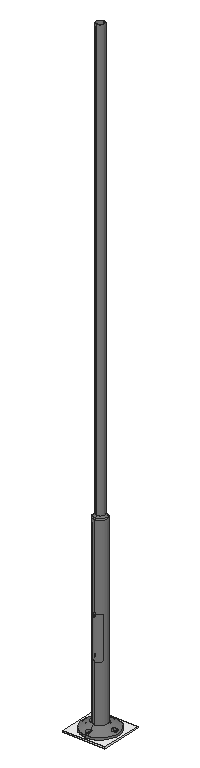
Revit family "BE_70904_de_DE", category Leuchten, Revit 2020
Family settings
  Basisbauteil = Fläche
  Bemaßung runder Anschluss = Durchmesser verwenden
  Teiletyp = Normal
  Beim Laden mit Abzugskörper schneiden = Ja
  Lichtquelle = Nein
  Gemeinsam genutzt = Nein
  Raumberechnungspunkt = Ja
Parameters (values of type "BEGA_70904_Grafit")
  Windangriffsfläche = "0.57 m²"
  Werkzeuglos = ""
  Default Elevation = 0 mm
  Umgebungstemperatur = ""
  URL = "https://www.bega.com/de/produkt/70904"
  Typenkommentare = "© 2022 BEGA. Wir behalten uns das Recht vor, technische Änderungen ohne vorherige Ankündigung vorzunehmen."  # constant formula
  Typenbild = 70904.png
  Strom = ""
  Spannung = 0 V
  Sonderanfertigung = no
  Seriennummer [instance] = "Hier können Sie die eindeutige Seriennummer für das Facility Management eintragen."
  Schutzklasse = ""
  Schutzart = ""
  Scheinlast = 0 VA
  Produktdatenblatt = "https://cdn.bega.com/bega/products/70904/current/documents/data-sheets/de"
  Oberflächentemperatur = ""
  Modell = "70904"
  Material_06 = BEGA_Oberfläche_Edelstahl_gebürstet
  Material_01 [instance] = BEGA_Oberfläche_Grafit_matt
  Mastzopfhöhe_h = ""
  Mastzopfdurchmesser_d = ""
  Mastzopf_Ø [instance] = "76 mm"  # constant formula
  Masthöhe_H = ""
  Mastdurchmesser_unten_Ø = ""
  Mast Gruppe = ""
  Logo = 0
  Lichtpunkthöhe [instance] = ""
  Leuchtenlichtstrom = ""
  Leuchtenanzahl = ""
  Lebensdauerkriterien = ""
  Lastklassifizierung = Beleuchtung
  Lampenlichtstrom = ""
  LED_Modulbezeichnung = ""
  Hersteller = "BEGA"  # constant formula
  Halbstreuwinkel = ""
  Gewicht = "28.0 kg"
  Frequenz = ""
  Farbwiedergabeindex = ""
  Farbtemperatur = ""
  Erdstücklänge_E = ""
  Erdstück [instance] = no
  Energieeffizienzklasse = ""
  Einstecktiefe = ""
  Einbauöffnung = ""
  Einbautiefe = ""
  ENEC = ""
  Durchmesser_Fussplatte_D = ""
  Dimmbar [instance] = ""
  CE_Konformität = "ja"
  Bestellnummer_Erdstück [instance] = if(Erdstück, "70899", "---")  # "---"
  Bestellnummer = "70904"
  Beschreibung_Sonderanfertigung = "Hier können Sie Informationen zur Sonderanfertigung eintragen."
  Beschreibung = "Lichtmast"
  Befestigungsbohrung = ""
  Befestigungsabstand = ""
  Anschlussleitung = ""
  Anschlussleistung [instance] = ""
  Anschlusskasten = ""
  Aktualisierung = "2022-06-03T04:00:08"
  Abstand_zur_angestrahlten_Fläche [instance] = ""
  AC/DC = ""
Reference planes
  plane 1 "Mitte (Vorne/Hinten)": y = 0
  plane 2: z = 0
  plane 3 "Mitte (Links/Rechts)": x = 0
  plane 4 "Links": x = -170
  plane 5 "Rechts": x = 170
  plane 6 "Unten": y = -170
  plane 7 "Oben": y = 170
  plane 8 "Vorne": z = 6000
  plane 9 "Hinten": z = 0
Forms (mm)
  Extrusion 1, solid, material "BEGA_Platte_Weiss"
    sketch origin (0, -1119.2, 0) x (1, 0, 0) y (0, 1, 0)
      loop
        line (-200, 1319.2) -> (-200, 919.2) -> (200, 919.2) -> (200, 1319.2) -> (-200, 1319.2)
    from 0 to -10
  Extrusion 2, solid, material "BEGA_Dummy_matt", not visible
    sketch origin (77.149, -76.023, 0) x (1, 0, 0) y (0, 1, 0)
      loop
        circle (-77.149, 76.023) r 66.5
    from 0 to 6000
Dimensions and locks
  plane 1 "Mitte (Vorne/Hinten)" to Extrusion 1 = 200 mm
  aligned and locked: Extrusion 1 to plane 2
  aligned and locked: level to Extrusion 1
Nested families
  nested 1: "BE_70904_Mast" at (0, 0, 0), type "BE_70904_Mast"
Connectors
  electrical at (0, 0, 0), driven by "Lastklassifizierung", driven by "Spannung", driven by "Scheinlast"
    settings: index 1, voltage 0 V, apparent load 0 VA, apparent load phase1 0 VA, apparent load phase2 0 VA, apparent load phase3 0 VA, power factor 1, load classification "Beleuchtung", number of poles 1, system type 31, power factor state 1, is connector primary yes, connector utility no, sub classification motor no, connector description ""
Definition of nested family "BE_70904_Mast"
  Parameters (values of type "BE_70904_Mast")
    Default Elevation = 1 mm
    URL = "http://www.bega.de/de/produkt"
    Type Comments = "© 2015 BEGA. Wir behalten uns das Recht vor, technische Änderungen ohne vorherige Ankündigung vorzunehmen. "  # constant formula
    Type Image = (empty or 0)
    Material_06 = none
    Material_01 = none
    Länge_Platte = 400 mm  # constant formula
    Höhe_Platte = -10 mm  # constant formula
    Manufacturer = "BEGA"  # constant formula
    Breite_Platte = 400 mm  # constant formula
  Reference planes
    plane 1 "Mitte (Oben/Unten)": y = 0
    plane 2: z = 0
    plane 3 "Mitte (Links/Rechts)": x = 0
    plane 4 "Links": x = -170
    plane 5 "Rechts": x = 170
    plane 6 "Oben": y = 170
    plane 7 "Unten": y = -170
    plane 8 "Vorne": z = 6000
    plane 9 "Hinten": z = 0
  Forms (mm)
    Extrusion 1, solid, detail levels medium
      sketch origin (0, 0, 0) x (1, 0, 0) y (0, 1, 0)
        loop
          line (-200, 200) -> (-200, -200) -> (200, -200) -> (200, 200) -> (-200, 200)
      from 0 to -10 <- "Höhe_Platte"
    Revolve 2, solid, material <- "Material_01"
      sketch origin (0, 0, 0) x (0, 1, 0) y (0, 0, 1)
        loop
          line (66.5, 65) -> (66.5, 1800) -> (52.512, 1808.404)
          arc (52.512, 1808.404) -> (41.877, 1819.346) -> (38, 1834.105) r 30
          line (38, 1834.105) -> (38, 6000) -> (33, 6000) -> (33, 1834.19)
          arc (33, 1834.19) -> (37.534, 1816.869) -> (50.041, 1804.056) r 35
          line (50.041, 1804.056) -> (61.5, 1797.171) -> (61.5, 0) -> (75, 0) -> (76.845, 52.837) -> (107.115, 37.413) -> (108.422, 0) -> (170, 0) -> (169.41, 16.896) -> (75, 65) -> (66.5, 65)
        axis (0, 6000) -> (0, 0)
      angle from 0 to 360
    Revolve 3, void
      sketch origin (-0.03, 0, 0) x (0, 1, 0) y (0, 0, 1)
        loop
          arc (118.354, 24.936) -> (118.962, 23.563) -> (120.353, 23) r 2
          line (120.353, 23) -> (129.488, 23) -> (131.352, 21.001) -> (130.863, 6.998) -> (128.719, 5) -> (120.572, 5)
          arc (120.572, 5) -> (119.156, 4.456) -> (118.529, 3.075) r 2
          line (118.529, 3.075) -> (118.489, 1.924)
          arc (118.489, 1.924) -> (117.893, 0.574) -> (116.534, 0) r 2
          line (116.534, 0) -> (141.422, 0) -> (141.422, 61.42) -> (117.079, 61.42) -> (118.354, 24.936)
        axis (141.422, 0) -> (141.422, 61.42)
      angle from 0 to 360
    Revolve 4, void
      sketch origin (0.03, 0.061, 0) x (1, 0, 0) y (0, 0, 1)
        loop
          arc (118.354, 24.936) -> (118.962, 23.563) -> (120.353, 23) r 2
          line (120.353, 23) -> (129.488, 23) -> (131.352, 21.001) -> (130.863, 6.998) -> (128.719, 5) -> (120.572, 5)
          arc (120.572, 5) -> (119.156, 4.456) -> (118.529, 3.075) r 2
          line (118.529, 3.075) -> (118.489, 1.924)
          arc (118.489, 1.924) -> (117.893, 0.574) -> (116.534, 0) r 2
          line (116.534, 0) -> (141.422, 0) -> (141.422, 61.42) -> (117.079, 61.42) -> (118.354, 24.936)
        axis (141.422, 0) -> (141.422, 61.42)
      angle from 0 to 360
    Revolve 5, void
      sketch origin (0.091, 0, 0) x (0, -1, 0) y (0, 0, 1)
        loop
          arc (118.354, 24.936) -> (118.962, 23.563) -> (120.353, 23) r 2
          line (120.353, 23) -> (129.488, 23) -> (131.352, 21.001) -> (130.863, 6.998) -> (128.719, 5) -> (120.572, 5)
          arc (120.572, 5) -> (119.156, 4.456) -> (118.529, 3.075) r 2
          line (118.529, 3.075) -> (118.489, 1.924)
          arc (118.489, 1.924) -> (117.893, 0.574) -> (116.534, 0) r 2
          line (116.534, 0) -> (141.422, 0) -> (141.422, 61.42) -> (117.079, 61.42) -> (118.354, 24.936)
        axis (141.422, 0) -> (141.422, 61.42)
      angle from 0 to 360
    Revolve 6, void
      sketch origin (0.03, -0.061, 0) x (-1, 0, 0) y (0, 0, 1)
        loop
          arc (118.354, 24.936) -> (118.962, 23.563) -> (120.353, 23) r 2
          line (120.353, 23) -> (129.488, 23) -> (131.352, 21.001) -> (130.863, 6.998) -> (128.719, 5) -> (120.572, 5)
          arc (120.572, 5) -> (119.156, 4.456) -> (118.529, 3.075) r 2
          line (118.529, 3.075) -> (118.489, 1.924)
          arc (118.489, 1.924) -> (117.893, 0.574) -> (116.534, 0) r 2
          line (116.534, 0) -> (141.422, 0) -> (141.422, 61.42) -> (117.079, 61.42) -> (118.354, 24.936)
        axis (141.422, 0) -> (141.422, 61.42)
      angle from 0 to 360
    Revolve 7, void
      sketch origin (0, 0, 0) x (0, 1, 0) y (0, 0, 1)
        loop
          line (-66.5, 1009.75) -> (-66.5, 599.75) -> (-63.9, 599.75) -> (-63.9, 605.017) -> (-59.934, 605.018) -> (-59.934, 1005.25) -> (-63.7, 1005.25) -> (-63.7, 1009.75) -> (-66.5, 1009.75)
        axis (0, 1009.75) -> (0, 599.75)
      angle from 59 to -59
    Revolve 8, solid, material <- "Material_01"
      sketch origin (0, 0, 0) x (0, 1, 0) y (0, 0, 1)
        loop
          line (-63.9, 599.75) -> (-60.844, 599.75) -> (-60.844, 1009.75) -> (-63.9, 1009.75) -> (-63.9, 599.75)
        axis (0, 1009.75) -> (0, 599.75)
      angle from -56 to -59
    Revolve 9, solid, material <- "Material_01"
      sketch origin (0, 0, 0) x (0, 1, 0) y (0, 0, -1)
        loop
          line (-63.9, -599.75) -> (-63.9, -1009.75) -> (-60.844, -1009.75) -> (-60.844, -599.75) -> (-63.9, -599.75)
        axis (0, -1009.75) -> (0, -599.75)
      angle from -56 to -59
    Revolve 10, solid, material <- "Material_01"
      sketch origin (0, 0, 0) x (0, 1, 0) y (0, 0, 1)
        loop
          line (-63.9, 1009.091) -> (-66.5, 1009.091) -> (-66.5, 600.483) -> (-63.9, 600.483) -> (-63.9, 965.091) -> (-48.8, 965.091) -> (-48.8, 1003.556) -> (-63.9, 1003.556) -> (-63.9, 1009.091)
        axis (0, 1009.091) -> (0, 600.483)
      angle from 58 to -58
    Extrusion 11, void
      sketch origin (0, 0, 0) x (1, 0, 0) y (0, 0, 1)
        loop
          circle (0, 640.409) r 1.75
        loop
          circle (0, 650.409) r 1.75
        loop
          circle (0, 660.409) r 1.75
        loop
          circle (0, 670.409) r 1.75
      from 48.115 to 71.223
    Extrusion 12, void
      sketch origin (0, 0, 0) x (1, 0, 0) y (0, 0, 1)
        loop
          circle (0, 987.591) r 8.757
      from 52 to 73.638
    Extrusion 13, solid, material <- "Material_06"
      sketch origin (0, 0, 0) x (1, 0, 0) y (0, 0, 1)
        loop
          circle (0, 987.591) r 7
      from 52 to 55
    Extrusion 14, solid, material <- "Material_06"
      sketch origin (0, 0, 0) x (1, 0, 0) y (0, 0, 1)
        loop
          arc (0.707, 992.54) -> (0, 992.591) -> (-0.707, 992.54) r 5
          line (-0.707, 992.54) -> (-2.828, 990.419) -> (-4.95, 988.298)
          arc (-4.95, 988.298) -> (-5, 987.591) -> (-4.95, 986.884) r 5
          line (-4.95, 986.884) -> (-3.658, 985.592) -> (-0.708, 982.641)
          arc (-0.708, 982.641) -> (0, 982.591) -> (0.708, 982.641) r 5
          line (0.708, 982.641) -> (2.828, 984.762) -> (4.95, 986.884)
          arc (4.95, 986.884) -> (5, 987.591) -> (4.95, 988.298) r 5
          line (4.95, 988.298) -> (2.828, 990.419) -> (0.707, 992.54)
      from 55 to 65
  Cuts and joins
    Revolve 3, Revolve 4, Revolve 5, Revolve 6, Revolve 7 cuts Revolve 2
    Extrusion 11, Extrusion 12 cuts Revolve 10
  Dimensions and locks
    equal spacing: Extrusion 1 sketch curve, plane 3 "Mitte (Links/Rechts)", Extrusion 1 sketch curve
    equal spacing: Extrusion 1 sketch curve, plane 1 "Mitte (Oben/Unten)", Extrusion 1 sketch curve
    "Länge_Platte": Extrusion 1 sketch curve to Extrusion 1 sketch curve
    "Breite_Platte": Extrusion 1 sketch curve to Extrusion 1 sketch curve
    aligned and locked: Extrusion 1 to plane 2
    aligned and locked: level to Extrusion 1
  Automatic sketch dimensions
    Revolve 3 sketch curve to Revolve 3 sketch curve = 1.275 mm
    Revolve 3 sketch curve to Revolve 3 sketch curve = 0.135 mm
    Revolve 3 sketch curve to Revolve 3 sketch curve = 0.04 mm
    Revolve 3 sketch curve to Revolve 3 sketch curve = 2.043 mm
    Revolve 3 sketch curve to Revolve 3 sketch curve = 8.148 mm
    Revolve 3 sketch curve to Revolve 3 sketch curve = 9.135 mm
    Revolve 3 sketch curve to Revolve 3 sketch curve = 2.143 mm
    Revolve 3 sketch curve to Revolve 3 sketch curve = 24.342 mm
    Revolve 3 sketch curve to Revolve 3 sketch curve = 1.999 mm  (x4)
    Revolve 3 sketch curve to Revolve 3 sketch curve = 36.484 mm
    Revolve 3 sketch curve to Revolve 3 sketch curve = 0 mm  (x3)
    Revolve 3 sketch curve to Revolve 3 sketch curve = 1.937 mm
    Revolve 3 sketch curve to Revolve 3 sketch curve = 1.864 mm
    Revolve 3 sketch curve to Revolve 3 sketch curve = 0.044 mm  (x2)
    Revolve 3 sketch curve to Revolve 3 sketch curve = 1.924 mm
    Revolve 3 sketch curve to Revolve 3 sketch curve = 1.076 mm
    Revolve 3 sketch curve to Revolve 3 sketch curve = 1.151 mm
    Revolve 3 sketch curve to Revolve 3 sketch curve = 14.002 mm
    Revolve 3 sketch curve to Revolve 3 sketch curve = 2 mm
    Revolve 3 sketch curve to Revolve 3 sketch curve = 17.362 mm
    Revolve 4 sketch curve to Revolve 4 sketch curve = 1.275 mm
    Revolve 4 sketch curve to Revolve 4 sketch curve = 0.135 mm
    Revolve 4 sketch curve to Revolve 4 sketch curve = 0.04 mm
    Revolve 4 sketch curve to Revolve 4 sketch curve = 2.043 mm
    Revolve 4 sketch curve to Revolve 4 sketch curve = 8.148 mm
    Revolve 4 sketch curve to Revolve 4 sketch curve = 9.135 mm
    Revolve 4 sketch curve to Revolve 4 sketch curve = 2.143 mm
    Revolve 4 sketch curve to Revolve 4 sketch curve = 24.342 mm
    Revolve 4 sketch curve to Revolve 4 sketch curve = 1.999 mm  (x4)
    Revolve 4 sketch curve to Revolve 4 sketch curve = 36.484 mm
    Revolve 4 sketch curve to Revolve 4 sketch curve = 0 mm  (x3)
    Revolve 4 sketch curve to Revolve 4 sketch curve = 1.937 mm
    Revolve 4 sketch curve to Revolve 4 sketch curve = 1.864 mm
    Revolve 4 sketch curve to Revolve 4 sketch curve = 0.044 mm  (x2)
    Revolve 4 sketch curve to Revolve 4 sketch curve = 1.924 mm
    Revolve 4 sketch curve to Revolve 4 sketch curve = 1.076 mm
    Revolve 4 sketch curve to Revolve 4 sketch curve = 1.151 mm
    Revolve 4 sketch curve to Revolve 4 sketch curve = 14.002 mm
    Revolve 4 sketch curve to Revolve 4 sketch curve = 2 mm
    Revolve 4 sketch curve to Revolve 4 sketch curve = 17.362 mm
    Revolve 5 sketch curve to Revolve 5 sketch curve = 1.275 mm
    Revolve 5 sketch curve to Revolve 5 sketch curve = 0.135 mm
    Revolve 5 sketch curve to Revolve 5 sketch curve = 0.04 mm
    Revolve 5 sketch curve to Revolve 5 sketch curve = 2.043 mm
    Revolve 5 sketch curve to Revolve 5 sketch curve = 8.148 mm
    Revolve 5 sketch curve to Revolve 5 sketch curve = 9.135 mm
    Revolve 5 sketch curve to Revolve 5 sketch curve = 2.143 mm
    Revolve 5 sketch curve to Revolve 5 sketch curve = 24.342 mm
    Revolve 5 sketch curve to Revolve 5 sketch curve = 1.999 mm  (x4)
    Revolve 5 sketch curve to Revolve 5 sketch curve = 36.484 mm
    Revolve 5 sketch curve to Revolve 5 sketch curve = 0 mm  (x3)
    Revolve 5 sketch curve to Revolve 5 sketch curve = 1.937 mm
    Revolve 5 sketch curve to Revolve 5 sketch curve = 1.864 mm
    Revolve 5 sketch curve to Revolve 5 sketch curve = 0.044 mm  (x2)
    Revolve 5 sketch curve to Revolve 5 sketch curve = 1.924 mm
    Revolve 5 sketch curve to Revolve 5 sketch curve = 1.076 mm
    Revolve 5 sketch curve to Revolve 5 sketch curve = 1.151 mm
    Revolve 5 sketch curve to Revolve 5 sketch curve = 14.002 mm
    Revolve 5 sketch curve to Revolve 5 sketch curve = 2 mm
    Revolve 5 sketch curve to Revolve 5 sketch curve = 17.362 mm
    Revolve 6 sketch curve to Revolve 6 sketch curve = 1.275 mm
    Revolve 6 sketch curve to Revolve 6 sketch curve = 0.135 mm
    Revolve 6 sketch curve to Revolve 6 sketch curve = 0.04 mm
    Revolve 6 sketch curve to Revolve 6 sketch curve = 2.043 mm
    Revolve 6 sketch curve to Revolve 6 sketch curve = 8.148 mm
    Revolve 6 sketch curve to Revolve 6 sketch curve = 9.135 mm
    Revolve 6 sketch curve to Revolve 6 sketch curve = 2.143 mm
    Revolve 6 sketch curve to Revolve 6 sketch curve = 24.342 mm
    Revolve 6 sketch curve to Revolve 6 sketch curve = 1.999 mm  (x4)
    Revolve 6 sketch curve to Revolve 6 sketch curve = 36.484 mm
    Revolve 6 sketch curve to Revolve 6 sketch curve = 0 mm  (x3)
    Revolve 6 sketch curve to Revolve 6 sketch curve = 1.937 mm
    Revolve 6 sketch curve to Revolve 6 sketch curve = 1.864 mm
    Revolve 6 sketch curve to Revolve 6 sketch curve = 0.044 mm  (x2)
    Revolve 6 sketch curve to Revolve 6 sketch curve = 1.924 mm
    Revolve 6 sketch curve to Revolve 6 sketch curve = 1.076 mm
    Revolve 6 sketch curve to Revolve 6 sketch curve = 1.151 mm
    Revolve 6 sketch curve to Revolve 6 sketch curve = 14.002 mm
    Revolve 6 sketch curve to Revolve 6 sketch curve = 2 mm
    Revolve 6 sketch curve to Revolve 6 sketch curve = 17.362 mm
    Revolve 2 sketch curve to Revolve 2 sketch curve = 0 mm  (x3)
    Revolve 2 sketch curve to plane 1 "Mitte (Oben/Unten)" = 0 mm
    Revolve 2 sketch curve to level = 0 mm  (x2)
    Revolve 2 sketch curve to plane 1 "Mitte (Oben/Unten)" = 33 mm
    Revolve 2 sketch curve to Revolve 2 sketch curve = 5 mm  (x2)
    Revolve 2 sketch curve to Revolve 2 sketch curve = 12.042 mm
    Revolve 2 sketch curve to Revolve 2 sketch curve = 2.471 mm
    Revolve 2 sketch curve to plane 1 "Mitte (Oben/Unten)" = 61.5 mm
    Revolve 2 sketch curve to Revolve 2 sketch curve = 30 mm
    Revolve 2 sketch curve to Revolve 2 sketch curve = 13.5 mm
    Revolve 2 sketch curve to Revolve 2 sketch curve = 8.5 mm
    Revolve 2 sketch curve to Revolve 2 sketch curve = 1.845 mm
    level to Revolve 2 sketch curve = 37.413 mm
    Revolve 2 sketch curve to Revolve 2 sketch curve = 30.27 mm
    Revolve 2 sketch curve to Revolve 2 sketch curve = 33.422 mm
    Revolve 2 sketch curve to Revolve 2 sketch curve = 0.59 mm
    level to Revolve 2 sketch curve = 16.896 mm
    Revolve 2 sketch curve to Revolve 2 sketch curve = 15.424 mm
    Revolve 2 sketch curve to Revolve 2 sketch curve = 12.163 mm
    Revolve 2 sketch curve to Revolve 2 sketch curve = 2.829 mm
    Revolve 2 sketch curve to Revolve 2 sketch curve = 6.885 mm
    Revolve 2 sketch curve to Revolve 2 sketch curve = 4.348 mm
    Revolve 2 sketch curve to Revolve 2 sketch curve = 25.693 mm
    Revolve 2 sketch curve to Revolve 2 sketch curve = 4165.81 mm
    Revolve 2 sketch curve to level = 2.001 mm
    Revolve 2 sketch curve to Revolve 2 sketch curve = 2 mm
    Revolve 7 sketch curve to plane 1 "Mitte (Oben/Unten)" = 0 mm
    plane 1 "Mitte (Oben/Unten)" to Revolve 7 sketch curve = 59.934 mm
    Revolve 7 sketch curve to Revolve 7 sketch curve = 3.766 mm
    Revolve 7 sketch curve to Revolve 7 sketch curve = 3.966 mm
    Revolve 7 sketch curve to Revolve 7 sketch curve = 2.8 mm
    Revolve 7 sketch curve to Revolve 7 sketch curve = 5.267 mm
    Revolve 7 sketch curve to Revolve 7 sketch curve = 0.001 mm
    Revolve 7 sketch curve to Revolve 7 sketch curve = 400.233 mm
    Revolve 7 sketch curve to Revolve 7 sketch curve = 4.5 mm
    Revolve 7 sketch curve to Revolve 7 sketch curve = 1334.057 mm
    Revolve 8 sketch curve to plane 1 "Mitte (Oben/Unten)" = 0 mm
    plane 1 "Mitte (Oben/Unten)" to Revolve 8 sketch curve = 60.844 mm
    Revolve 8 sketch curve to Revolve 8 sketch curve = 3.056 mm
    Revolve 8 sketch curve to Revolve 8 sketch curve = 410 mm
    Revolve 8 sketch curve to Revolve 8 sketch curve = 1334.057 mm
    Revolve 9 sketch curve to plane 1 "Mitte (Oben/Unten)" = 0 mm
    plane 1 "Mitte (Oben/Unten)" to Revolve 9 sketch curve = 60.844 mm
    Revolve 9 sketch curve to Revolve 9 sketch curve = 3.056 mm
    Revolve 9 sketch curve to Revolve 9 sketch curve = 1334.057 mm
    plane 1 "Mitte (Oben/Unten)" to Revolve 10 sketch curve = 66.5 mm
    Revolve 10 sketch curve to Revolve 10 sketch curve = 2.6 mm  (x2)
    Revolve 10 sketch curve to Revolve 10 sketch curve = 15.1 mm
    Revolve 10 sketch curve to Revolve 10 sketch curve = 364.608 mm
    Revolve 10 sketch curve to Revolve 10 sketch curve = 38.466 mm
    Revolve 10 sketch curve to Revolve 10 sketch curve = 5.534 mm
    Extrusion 11 sketch curve to plane 3 "Mitte (Links/Rechts)" = 0 mm  (x4)
    Extrusion 11 sketch curve to Extrusion 11 sketch curve = 10 mm  (x3)
    Extrusion 14 sketch curve to plane 3 "Mitte (Links/Rechts)" = 0 mm
    Extrusion 14 sketch curve to plane 3 "Mitte (Links/Rechts)" = 0.707 mm
    Extrusion 14 sketch curve to Extrusion 14 sketch curve = 4.95 mm
    Extrusion 14 sketch curve to plane 3 "Mitte (Links/Rechts)" = 2.828 mm
    plane 3 "Mitte (Links/Rechts)" to Extrusion 14 sketch curve = 0.707 mm
    Extrusion 14 sketch curve to Extrusion 14 sketch curve = 2.121 mm  (x5)
    plane 3 "Mitte (Links/Rechts)" to Extrusion 14 sketch curve = 2.828 mm  (x2)
    Extrusion 14 sketch curve to Extrusion 14 sketch curve = 0 mm  (x18)
    Extrusion 14 sketch curve to Extrusion 14 sketch curve = 2.122 mm
    plane 3 "Mitte (Links/Rechts)" to Extrusion 14 sketch curve = 0.708 mm
    Extrusion 14 sketch curve to plane 3 "Mitte (Links/Rechts)" = 0.708 mm
    Extrusion 14 sketch curve to plane 3 "Mitte (Links/Rechts)" = 3.658 mm
    Extrusion 14 sketch curve to Extrusion 14 sketch curve = 1.999 mm
    Extrusion 14 sketch curve to Extrusion 14 sketch curve = 1.291 mm
    Extrusion 14 sketch curve to Extrusion 14 sketch curve = 1.292 mm
    Revolve 2 sketch curve to Revolve 2 sketch curve = 60.988 mm
    Revolve 2 sketch curve to Revolve 2 sketch curve = 1732.171 mm
    level to Revolve 7 sketch curve = 599.75 mm
    level to Revolve 8 sketch curve = 599.75 mm
    level to Revolve 9 sketch curve = 599.75 mm
    Revolve 9 sketch curve to Revolve 9 sketch curve = 410 mm
    Revolve 10 sketch curve to plane 1 "Mitte (Oben/Unten)" = 0 mm
    level to Revolve 10 sketch curve = 600.483 mm
    Revolve 10 sketch curve to Revolve 10 sketch curve = 1334.716 mm
    level to Extrusion 11 sketch curve = 640.409 mm
    level to Extrusion 14 sketch curve = 982.641 mm
    Revolve 7 sketch curve to level = 609.6 mm
    Revolve 8 sketch curve to level = 609.6 mm
    Revolve 9 sketch curve to level = 609.6 mm
    Revolve 10 sketch curve to level = 609.6 mm
    radius of Extrusion 11 sketch curve = 1.75 mm  (x4)
